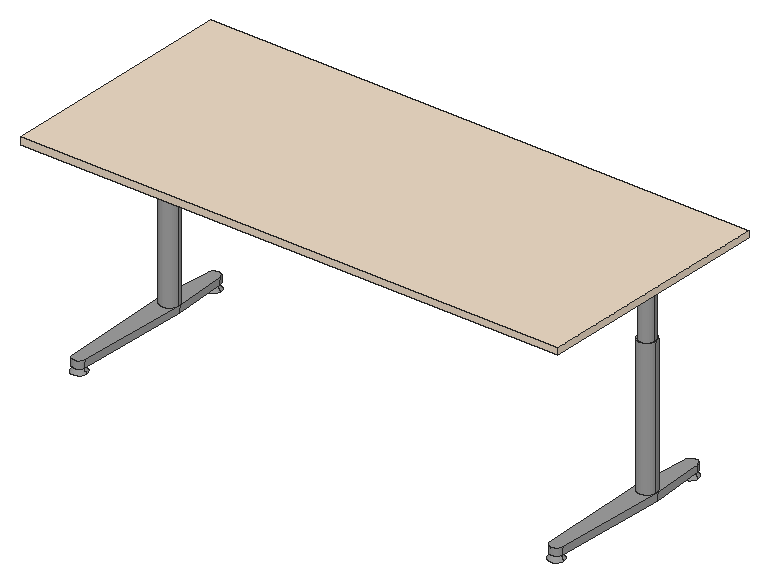
Revit family
Parameters (values of type "1800x800")
  width = 1800 mm
  Table finish = Wood - Beech
  Model = "A74C57"
  Manufacturer = "EFG"
  Description = "1800x800 desk"
  depth = 800 mm
  Cost = 4032
  Base finish = Laminate - Grey
Types (9, lengths in mm): name | width | Model | Description | depth | Cost
  (no name) | 1800 | "A74C57" | "1800x800 desk" | 800 | 4032
  1800x800 | 1800 | "A74C57" | "1800x800 desk" | 800 | 4032
  2000x800 | 2000 | "A13B06" | "2000x800 desk" | 800 | 4285
  800x800 | 800 | "A13B00" | "800x800 desk" | 800 | 3078
  1000x800 | 1000 | "A13B00" | "1000x800 desk" | 800 | 3242
  1200x800 | 1200 | "A13B00" | "1200x800 desk" | 800 | 3346
  800x620 | 800 | "A13B14" | "1800x620 desk" | 620 | 2844
  1000x620 | 1000 | "A13B15" | "1000x620 desk" | 620 | 3065
  1200x620 | 1200 | "A13B15" | "1200x620 desk" | 620 | 3132
Reference planes
  plane 1 "Center (Front/Back)": y = 0
  plane 2: z = 0
  plane 3 "Center (Left/Right)": x = 0
  plane 4: y = 800
  plane 5: x = 1800
  plane 6: y = 400
Forms (mm)
  Extrusion 1, solid, material "Wood - Beech" <- "Table finish"
    sketch origin (705.756, 339.719, 0) x (1, 0, 0) y (0, 1, 0)
      loop
        line (-705.756, 460.281) -> (-705.756, -339.719) -> (1094.244, -339.719) -> (1094.244, 460.281) -> (-705.756, 460.281)
    from 696.9 to 720
Dimensions and locks
  "depth": plane 1 "Center (Front/Back)" to plane 4
  "width": plane 3 "Center (Left/Right)" to plane 5
  locked: plane 3 "Center (Left/Right)" to nested 1 at 100
  locked: nested 2 to plane 5 at 100
  equal spacing: plane 4, plane 6, plane 1 "Center (Front/Back)"
  locked: plane 6 to nested 1 at 100
  locked: plane 6 to nested 2 at 100
  aligned and locked: Extrusion 1 to plane 3 "Center (Left/Right)"
  aligned and locked: plane 1 "Center (Front/Back)" to Extrusion 1
  aligned and locked: plane 4 to Extrusion 1
  aligned and locked: plane 5 to Extrusion 1
Automatic sketch dimensions
  Extrusion 1 sketch curve to plane 1 "Center (Front/Back)" = 0 mm
  Extrusion 1 sketch curve to plane 3 "Center (Left/Right)" = 0 mm
  Extrusion 1 sketch curve to plane 5 = 0 mm
  Extrusion 1 sketch curve to plane 4 = 0 mm
Nested families
  nested 1: "DESKLEG" at (100, 500, 0), type "DESKLEG"
  nested 2: "DESKLEG" at (1700, 500, 0), type "DESKLEG"
Definition of nested family "DESKLEG"
  Parameters (values of type "DESKLEG")
    Table finish = Wood - Beech
    Model = "A74C57"
    Manufacturer = "EFG"
    Description = "1800x800 desk"
    Cost = 4032
    Base finish = Laminate - Grey
    Assembly Code = ""
  Reference planes
    plane 1 "Center (Front/Back)": y = 0
    plane 2: z = 0
    plane 3 "Center (Left/Right)": x = 0
  Forms (mm)
    Revolve 1, solid, material "Laminate - Grey" <- "Base finish"
      sketch origin (605.694, 183, -408.792) x (1, 0, 0) y (0, 0, 1)
        loop
          line (-595.694, 408.792) -> (-580.694, 408.792) -> (-595.694, 426.792) -> (-595.694, 408.792)
        axis (-605.694, 408.792) -> (-605.694, 426.792)
      angle from 0 to 360
    Extrusion 2, solid, material "Laminate - Grey" <- "Base finish"
      sketch origin (605.694, -180.792, 0) x (1, 0, 0) y (0, 1, 0)
        loop
          line (-626.632, 366.397) -> (-640.775, 181.958) -> (-626.679, -198.985)
          arc (-626.679, -198.985) -> (-605.694, -219.208) -> (-584.708, -198.985) r 21
          line (-584.708, -198.985) -> (-570.612, 181.954) -> (-584.755, 366.397)
          arc (-584.755, 366.397) -> (-605.694, 385.792) -> (-626.632, 366.397) r 21
      from 18 to 40
    Revolve 3, solid, material "Laminate - Grey" <- "Base finish"
      sketch origin (605.694, -379.25, -408.792) x (1, 0, 0) y (0, 0, 1)
        loop
          line (-595.694, 408.792) -> (-580.694, 408.792) -> (-595.694, 426.792) -> (-595.694, 408.792)
        axis (-605.694, 408.792) -> (-605.694, 426.792)
      angle from 0 to 360
    Extrusion 4, solid, material "Laminate - Grey" <- "Base finish"
      sketch origin (605.694, -180.792, 0) x (1, 0, 0) y (0, 1, 0)
        loop
          circle (-605.694, 180.792) r 30
      from 40 to 493.329
    Extrusion 5, solid, material "Laminate - Grey" <- "Base finish"
      sketch origin (605.694, -180.792, 0) x (1, 0, 0) y (0, 1, 0)
        loop
          circle (-605.694, 180.792) r 25
      from 493.329 to 696.9
